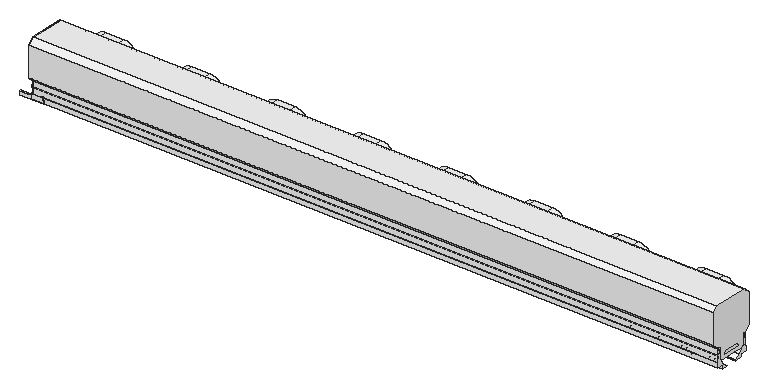
Revit family "Invisiline_диффузор_щелевой_AESTH.S_50+BOX.S_SUP", category Воздухораспределители, Revit 2019
Family settings
  Размер круглого соединителя = Использовать диаметр
  Тип детали = Нормальный
  Номер OmniClass = 23.75.70.21.27.11
  Заголовок OmniClass = Diffusers, Registers, and Grilles
  На основе рабочей плоскости = Нет
  Всегда вертикально = Да
  При загрузке вырезать с полостями = Нет
  Общий = Нет
  Точка расчета площади = Да
Parameters (values of type "AESTH.S-50-*-*-* + BOX.S-50-*-STD")
  Шаг приращения длины = 5 mm
  КСД_W = if([2_w] = 10 mm, 122 mm, if([2_w] = 15 mm, 127 mm, if([2_w] = 20 mm, 132 mm, if([2_w] = 25 mm, 137 mm, if([2_w] = 30 mm, 142 mm, if([2_w] = 35 mm, 147 mm, if([2_w] = 40 mm, 152 mm, if([2_w] = 45 mm, 185 mm, if([2_w] = 50 mm, 190 mm, if([2_w] = 55 mm, 195 mm, if([2_w] = 60 mm, 200 mm, if([2_w] = 65 mm, 205 mm, if([2_w] = 70 mm, 210 mm, 210 mm)))))))))))))  # 190 mm
  КСД_H_FRNT = if([6_КСД] = 2, 50 mm, 0 mm) + if([2_w] = 10 mm, 185 mm, if([2_w] = 15 mm, 185 mm, if([2_w] = 20 mm, 185 mm, if([2_w] = 25 mm, 185 mm, if([2_w] = 30 mm, 185 mm, if([2_w] = 35 mm, 185 mm, if([2_w] = 40 mm, 185 mm, if([2_w] = 45 mm, 259 mm, if([2_w] = 50 mm, 259 mm, if([2_w] = 55 mm, 259 mm, if([2_w] = 60 mm, 259 mm, if([2_w] = 65 mm, 259 mm, if([2_w] = 70 mm, 259 mm, 210 mm)))))))))))))  # 259 mm
  КСД_H_2 = 174 mm  # constant formula
  КСД_H = if([2_w] = 10 mm, 185 mm, if([2_w] = 15 mm, 185 mm, if([2_w] = 20 mm, 185 mm, if([2_w] = 25 mm, 185 mm, if([2_w] = 30 mm, 185 mm, if([2_w] = 35 mm, 185 mm, if([2_w] = 40 mm, 185 mm, if([2_w] = 45 mm, 259 mm, if([2_w] = 50 mm, 259 mm, if([2_w] = 55 mm, 259 mm, if([2_w] = 60 mm, 259 mm, if([2_w] = 65 mm, 259 mm, if([2_w] = 70 mm, 259 mm, 210 mm)))))))))))))  # 259 mm
  Vr_Vis_STD_9 [instance] = if(and(Vr_STD_Vis, Con_Vis_9), 1 = 1, 1 = 0)  # no
  Vr_Vis_STD_8 [instance] = if(and(Vr_STD_Vis, Con_Vis_8), 1 = 1, 1 = 0)  # yes
  Vr_Vis_STD_7 [instance] = if(and(Vr_STD_Vis, Con_Vis_7), 1 = 1, 1 = 0)  # yes
  Vr_Vis_STD_6 [instance] = if(and(Vr_STD_Vis, Con_Vis_6), 1 = 1, 1 = 0)  # yes
  Vr_Vis_STD_5 [instance] = if(and(Vr_STD_Vis, Con_Vis_5), 1 = 1, 1 = 0)  # yes
  Vr_Vis_STD_4 [instance] = if(and(Vr_STD_Vis, Con_Vis_4), 1 = 1, 1 = 0)  # yes
  Vr_Vis_STD_3 [instance] = if(and(Vr_STD_Vis, Con_Vis_3), 1 = 1, 1 = 0)  # yes
  Vr_Vis_STD_2 [instance] = if(and(Vr_STD_Vis, Con_Vis_2), 1 = 1, 1 = 0)  # yes
  Vr_Vis_STD_10 [instance] = if(and(Vr_STD_Vis, Con_Vis_10), 1 = 1, 1 = 0)  # no
  Vr_Vis_STD_1 [instance] = if(and(Vr_STD_Vis, Con_Vis_1), 1 = 1, 1 = 0)  # yes
  Vr_Vis_FRNT_9 [instance] = if(and(Vr_FRNT_Vis, Con_Vis_9), 1 = 1, 1 = 0)  # no
  Vr_Vis_FRNT_8 [instance] = if(and(Vr_FRNT_Vis, Con_Vis_8), 1 = 1, 1 = 0)  # no
  Vr_Vis_FRNT_7 [instance] = if(and(Vr_FRNT_Vis, Con_Vis_7), 1 = 1, 1 = 0)  # no
  Vr_Vis_FRNT_6 [instance] = if(and(Vr_FRNT_Vis, Con_Vis_6), 1 = 1, 1 = 0)  # no
  Vr_Vis_FRNT_5 [instance] = if(and(Vr_FRNT_Vis, Con_Vis_5), 1 = 1, 1 = 0)  # no
  Vr_Vis_FRNT_4 [instance] = if(and(Vr_FRNT_Vis, Con_Vis_4), 1 = 1, 1 = 0)  # no
  Vr_Vis_FRNT_3 [instance] = if(and(Vr_FRNT_Vis, Con_Vis_3), 1 = 1, 1 = 0)  # no
  Vr_Vis_FRNT_2 [instance] = if(and(Vr_FRNT_Vis, Con_Vis_2), 1 = 1, 1 = 0)  # no
  Vr_Vis_FRNT_10 [instance] = if(and(Vr_FRNT_Vis, Con_Vis_10), 1 = 1, 1 = 0)  # no
  Vr_Vis_FRNT_1 [instance] = if(and(Vr_FRNT_Vis, Con_Vis_1), 1 = 1, 1 = 0)  # no
  INV_№ в наклейке [instance] = ""
  INV_Цвет [instance] = 0
  INV_Требуемая скорость воздуха [instance] = 1.5 m/s
  INV_Предупреждение [instance] = if([4_L] > 3000 mm, "Длина не должна превышать 3000 мм", if([4_L] < 100 mm, "Длина должна превышать 100 мм", ""))  # ""
  INV_Потеря давления воздуха на врезке [instance] = ADSK_Потеря давления воздуха / Ncon  # 0.0 Pa
  INV_Наименование адаптера [instance] = size_lookup(LT, "Name2", "Некорректный типоразмер", [2_w], [4_L], INV_Цвет, [5_Код], [6_КСД])  # "КСД с боковыми врезками, ширина щели 50 мм, длина КСД 3000 мм - 6 мм"
  INV_Марка адаптера [instance] = size_lookup(LT, "Marka_Adapter", "Некорректный типоразмер", [2_w], [4_L], INV_Цвет, [5_Код], [6_КСД])  # "Адаптер BOX.S-50-3000-STD"
  INV_Длина линейного диффузора [instance] = 3000 mm
  INV_Автоподбор длины [instance] = no
  ADSK_Этаж [instance] = ""
  5_ТП_Vis_2 [instance] = if(or([5_Код] = 1, [5_Код] = 3, [5_Код] = 4, [5_Код] = 5), 1 = 1, 1 = 0)  # no
  5_ТП_Vis_1 [instance] = if([5_Код] = 1, 1 = 1, 1 = 0)  # no
  Vr_x_9 [instance] = Con_x_9 - Dw / 2  # 2873.5 mm
  Vr_x_8 [instance] = Con_x_8 - Dw / 2  # 148.5 mm
  Vr_x_7 [instance] = Con_x_7 - Dw / 2  # 523.5 mm
  Vr_x_6 [instance] = Con_x_6 - Dw / 2  # 898.5 mm
  Vr_x_5 [instance] = Con_x_5 - Dw / 2  # 1273.5 mm
  Vr_x_4 [instance] = Con_x_4 - Dw / 2  # 1648.5 mm
  Vr_x_3 [instance] = Con_x_3 - Dw / 2  # 2023.5 mm
  Vr_x_2 [instance] = Con_x_2 - Dw / 2  # 2398.5 mm
  Vr_x_10 [instance] = Con_x_10 - Dw / 2  # 2873.5 mm
  Vr_x_1 [instance] = Con_x_1 - Dw / 2  # 2773.5 mm
  Con_Vis = 1 = 0  # no
  5_Раз_Vis_2 [instance] = if([5_Код] = 9, 1 = 1, if([5_Код] = 10, 1 = 1, 1 = 0))  # no
  5_Раз_Vis_1 [instance] = if([5_Код] = 5, 1 = 1, if([5_Код] = 7, 1 = 1, if([5_Код] = 9, 1 = 1, 1 = 0)))  # no
  5_Коннекторы_2 [instance] = if([5_Кон_Vis_2], 50 mm, 0 mm)  # 0 mm
  5_Коннекторы_1 [instance] = if([5_Кон_Vis_1], 50 mm, 0 mm)  # 50 mm
  5_Кон_Vis_2 [instance] = if([5_Код] = 8, 1 = 1, if([5_Код] = 9, 1 = 1, if([5_Код] = 10, 1 = 1, 1 = 0)))  # no
  5_Кон_Vis_1 [instance] = if([5_Код] = 4, 1 = 1, if([5_Код] = 5, 1 = 1, if([5_Код] = 6, 1 = 1, if([5_Код] = 7, 1 = 1, if([5_Код] = 8, 1 = 1, if([5_Код] = 9, 1 = 1, if([5_Код] = 10, 1 = 1, 1 = 0)))))))  # yes
  4_L_2 [instance] = if([5_Код] = 1, 1.5 mm, if([5_Код] = 3, 1.5 mm, if([5_Код] = 4, 1.5 mm, if([5_Код] = 5, 1.5 mm, if([5_Код] = 9, 1.5 mm, if([5_Код] = 10, 1.5 mm, 0 mm)))))) + [4_L] / 2  # 1500 mm
  4_L_1 [instance] = if([5_Код] = 1, 1.5 mm, if([5_Код] = 5, 1.5 mm, if([5_Код] = 7, 1.5 mm, if([5_Код] = 9, 1.5 mm, 0 mm)))) + [4_L] / 2  # 1500 mm
  УГО [instance] = yes
  Овальное подключение [instance] = 1 = 1  # yes
  6_КСД = 1
  Изготовитель = "Invisiline"  # constant formula
  Длина округленная [instance] = roundup((INV_Длина линейного диффузора / 5) / 1 mm) * 1 mm * 5  # 3000 mm
  ox9 [instance] = if(Ncon > 1, if(Ncon < 9, 0.5 * [4_L] / Ncon, 8.5 * [4_L] / Ncon), 0.5 * [4_L])  # 187.5 mm
  ox8 [instance] = if(Ncon > 1, if(Ncon < 8, 0.5 * [4_L] / Ncon, 7.5 * [4_L] / Ncon), 0.5 * [4_L])  # 2812.5 mm
  ox7 [instance] = if(Ncon > 1, if(Ncon < 7, 0.5 * [4_L] / Ncon, 6.5 * [4_L] / Ncon), 0.5 * [4_L])  # 2437.5 mm
  ox6 [instance] = if(Ncon > 1, if(Ncon < 6, 0.5 * [4_L] / Ncon, 5.5 * [4_L] / Ncon), 0.5 * [4_L])  # 2062.5 mm
  ox5 [instance] = if(Ncon > 1, if(Ncon < 5, 0.5 * [4_L] / Ncon, 4.5 * [4_L] / Ncon), 0.5 * [4_L])  # 1687.5 mm
  ox4 [instance] = if(Ncon > 1, if(Ncon < 4, 0.5 * [4_L] / Ncon, 3.5 * [4_L] / Ncon), 0.5 * [4_L])  # 1312.5 mm
  ox3 [instance] = if(Ncon > 1, if(Ncon < 3, 0.5 * [4_L] / Ncon, 2.5 * [4_L] / Ncon), 0.5 * [4_L])  # 937.5 mm
  ox2 [instance] = if(Ncon > 1, 1.5 * [4_L] / Ncon, 0.5 * [4_L])  # 562.5 mm
  ox10 [instance] = if(Ncon > 1, if(Ncon < 10, 0.5 * [4_L] / Ncon, 9.5 * [4_L] / Ncon), 0.5 * [4_L])  # 187.5 mm
  ox1 [instance] = if(Ncon > 1, 0.5 * [4_L] / Ncon, 0.5 * [4_L])  # 187.5 mm
  null [instance] = if([4_L] > 3000 mm, 1000 mm, 1 mm)  # 1 mm
  h = if([2_w] = 10 mm, 40 mm, if([2_w] = 15 mm, 40 mm, if([2_w] = 20 mm, 40 mm, if([2_w] = 25 mm, 40 mm, if([2_w] = 30 mm, 40 mm, if([2_w] = 35 mm, 40 mm, if([2_w] = 40 mm, 40 mm, if([2_w] = 45 mm, 74 mm, if([2_w] = 50 mm, 74 mm, if([2_w] = 55 mm, 74 mm, if([2_w] = 60 mm, 74 mm, if([2_w] = 65 mm, 74 mm, if([2_w] = 70 mm, 74 mm, if([2_w] = 75 mm, 74 mm, if([2_w] = 80 mm, 74 mm, 40 mm)))))))))))))))  # 74 mm
  Wb1 = if([2_w] = 10 mm, 122 mm, if([2_w] = 15 mm, 127 mm, if([2_w] = 20 mm, 132 mm, if([2_w] = 25 mm, 137 mm, if([2_w] = 30 mm, 142 mm, if([2_w] = 35 mm, 147 mm, if([2_w] = 40 mm, 152 mm, if([2_w] = 45 mm, 185 mm, if([2_w] = 50 mm, 190 mm, if([2_w] = 55 mm, 195 mm, if([2_w] = 60 mm, 200 mm, if([2_w] = 65 mm, 205 mm, if([2_w] = 70 mm, 210 mm, 122 mm)))))))))))))  # 190 mm
  Vr_STD_Vis = if([6_КСД] = 1, 1 = 1, 1 = 0)  # yes
  Vr_FRNT_Vis = if([6_КСД] = 2, 1 = 1, 1 = 0)  # no
  Vis_Error [instance] = if([4_L] > 3000 mm, 1 = 1, 1 = 0)  # no
  V [instance] = ADSK_Расход воздуха / ([4_L] * [2_w])  # 0.0666667 m/s
  URL = "www.invisiline.ru"
  Ncon [instance] = if(and([2_w] = 10 mm, [4_L] < 150 mm), 0, if(and([2_w] = 10 mm, [4_L] < 905 mm), 1, if(and([2_w] = 10 mm, [4_L] < 1805 mm), 2, if(and([2_w] = 10 mm, [4_L] < 2705 mm), 3, if(and([2_w] = 10 mm, [4_L] < 3005 mm), 4, if(and([2_w] = 15 mm, [4_L] < 150 mm), 0, if(and([2_w] = 15 mm, [4_L] < 525 mm), 1, if(and([2_w] = 15 mm, [4_L] < 1045 mm), 2, if(and([2_w] = 15 mm, [4_L] < 1565 mm), 3, if(and([2_w] = 15 mm, [4_L] < 2085 mm), 4, if(and([2_w] = 15 mm, [4_L] < 2605 mm), 5, if(and([2_w] = 15 mm, [4_L] < 3005 mm), 6, if(and([2_w] = 20 mm, [4_L] < 150 mm), 0, if(and([2_w] = 20 mm, [4_L] < 395 mm), 1, if(and([2_w] = 20 mm, [4_L] < 785 mm), 2, if(and([2_w] = 20 mm, [4_L] < 1175 mm), 3, if(and([2_w] = 20 mm, [4_L] < 1565 mm), 4, if(and([2_w] = 20 mm, [4_L] < 1955 mm), 5, if(and([2_w] = 20 mm, [4_L] < 2345 mm), 6, if(and([2_w] = 20 mm, [4_L] < 2735 mm), 7, if(and([2_w] = 20 mm, [4_L] < 3005 mm), 8, if(and([2_w] = 25 mm, [4_L] < 185 mm), 0, if(and([2_w] = 25 mm, [4_L] < 495 mm), 1, if(and([2_w] = 25 mm, [4_L] < 985 mm), 2, if(and([2_w] = 25 mm, [4_L] < 1475 mm), 3, if(and([2_w] = 25 mm, [4_L] < 1965 mm), 4, if(and([2_w] = 25 mm, [4_L] < 2455 mm), 5, if(and([2_w] = 25 mm, [4_L] < 2945 mm), 6, if(and([2_w] = 25 mm, [4_L] < 3005 mm), 7, if(and([2_w] = 30 mm, [4_L] < 185 mm), 0, if(and([2_w] = 30 mm, [4_L] < 415 mm), 1, if(and([2_w] = 30 mm, [4_L] < 835 mm), 2, if(and([2_w] = 30 mm, [4_L] < 1250 mm), 3, if(and([2_w] = 30 mm, [4_L] < 1665 mm), 4, if(and([2_w] = 30 mm, [4_L] < 2080 mm), 5, if(and([2_w] = 30 mm, [4_L] < 2495 mm), 6, if(and([2_w] = 30 mm, [4_L] < 2910 mm), 7, if(and([2_w] = 30 mm, [4_L] < 3005 mm), 8, if(and([2_w] = 35 mm, [4_L] < 185 mm), 0, if(and([2_w] = 35 mm, [4_L] < 360 mm), 1, if(and([2_w] = 35 mm, [4_L] < 705 mm), 2, if(and([2_w] = 35 mm, [4_L] < 1055 mm), 3, if(and([2_w] = 35 mm, [4_L] < 1405 mm), 4, if(and([2_w] = 35 mm, [4_L] < 1755 mm), 5, if(and([2_w] = 35 mm, [4_L] < 2105 mm), 6, if(and([2_w] = 35 mm, [4_L] < 2455 mm), 7, if(and([2_w] = 35 mm, [4_L] < 2805 mm), 8, if(and([2_w] = 35 mm, [4_L] < 3005 mm), 9, if(and([2_w] = 40 mm, [4_L] < 185 mm), 0, if(and([2_w] = 40 mm, [4_L] < 360 mm), 1, if(and([2_w] = 40 mm, [4_L] < 615 mm), 2, if(and([2_w] = 40 mm, [4_L] < 920 mm), 3, if(and([2_w] = 40 mm, [4_L] < 1225 mm), 4, if(and([2_w] = 40 mm, [4_L] < 1530 mm), 5, if(and([2_w] = 40 mm, [4_L] < 1835 mm), 6, if(and([2_w] = 40 mm, [4_L] < 2140 mm), 7, if(and([2_w] = 40 mm, [4_L] < 2445 mm), 8, if(and([2_w] = 40 mm, [4_L] < 2750 mm), 9, if(and([2_w] = 40 mm, [4_L] < 3005 mm), 10, if(and([2_w] = 45 mm, [4_L] < 225 mm), 0, if(and([2_w] = 45 mm, [4_L] < 450 mm), 1, if(and([2_w] = 45 mm, [4_L] < 895 mm), 2, if(and([2_w] = 45 mm, [4_L] < 1340 mm), 3, if(and([2_w] = 45 mm, [4_L] < 1785 mm), 4, if(and([2_w] = 45 mm, [4_L] < 2230 mm), 5, if(and([2_w] = 45 mm, [4_L] < 2675 mm), 6, if(and([2_w] = 45 mm, [4_L] < 3005 mm), 7, if(and([2_w] = 50 mm, [4_L] < 220 mm), 0, if(and([2_w] = 50 mm, [4_L] < 425 mm), 1, if(and([2_w] = 50 mm, [4_L] < 805 mm), 2, if(and([2_w] = 50 mm, [4_L] < 1205 mm), 3, if(and([2_w] = 50 mm, [4_L] < 1605 mm), 4, if(and([2_w] = 50 mm, [4_L] < 2005 mm), 5, if(and([2_w] = 50 mm, [4_L] < 2405 mm), 6, if(and([2_w] = 50 mm, [4_L] < 2805 mm), 7, if(and([2_w] = 50 mm, [4_L] < 3005 mm), 8, if(and([2_w] = 55 mm, [4_L] < 225 mm), 0, if(and([2_w] = 55 mm, [4_L] < 425 mm), 1, if(and([2_w] = 55 mm, [4_L] < 731 mm), 2, if(and([2_w] = 55 mm, [4_L] < 1096 mm), 3, if(and([2_w] = 55 mm, [4_L] < 1461 mm), 4, if(and([2_w] = 55 mm, [4_L] < 1826 mm), 5, if(and([2_w] = 55 mm, [4_L] < 2191 mm), 6, if(and([2_w] = 55 mm, [4_L] < 2556 mm), 7, if(and([2_w] = 55 mm, [4_L] < 2921 mm), 8, if(and([2_w] = 55 mm, [4_L] < 3001 mm), 9, if(and([2_w] = 60 mm, [4_L] < 220 mm), 0, if(and([2_w] = 60 mm, [4_L] < 421 mm), 1, if(and([2_w] = 60 mm, [4_L] < 671 mm), 2, if(and([2_w] = 60 mm, [4_L] < 1006 mm), 3, if(and([2_w] = 60 mm, [4_L] < 1341 mm), 4, if(and([2_w] = 60 mm, [4_L] < 1676 mm), 5, if(and([2_w] = 60 mm, [4_L] < 2011 mm), 6, if(and([2_w] = 60 mm, [4_L] < 2346 mm), 7, if(and([2_w] = 60 mm, [4_L] < 2681 mm), 8, if(and([2_w] = 60 mm, [4_L] < 3001 mm), 9, if(and([2_w] = 65 mm, [4_L] < 280 mm), 0, if(and([2_w] = 65 mm, [4_L] < 546 mm), 1, if(and([2_w] = 65 mm, [4_L] < 961 mm), 2, if(and([2_w] = 65 mm, [4_L] < 1441 mm), 3, if(and([2_w] = 65 mm, [4_L] < 1921 mm), 4, if(and([2_w] = 65 mm, [4_L] < 2401 mm), 5, if(and([2_w] = 65 mm, [4_L] < 2881 mm), 6, if(and([2_w] = 65 mm, [4_L] < 3001 mm), 7, if(and([2_w] = 70 mm, [4_L] < 280 mm), 0, if(and([2_w] = 70 mm, [4_L] < 546 mm), 1, if(and([2_w] = 70 mm, [4_L] < 901 mm), 2, if(and([2_w] = 70 mm, [4_L] < 1355 mm), 3, if(and([2_w] = 70 mm, [4_L] < 1805 mm), 4, if(and([2_w] = 70 mm, [4_L] < 2255 mm), 5, if(and([2_w] = 70 mm, [4_L] < 2705 mm), 6, if(and([2_w] = 70 mm, [4_L] < 3005 mm), 7, 1))))))))))))))))))))))))))))))))))))))))))))))))))))))))))))))))))))))))))))))))))))))))))))))))))))))))))))))))  # 8
  Lcon9 [instance] = if(Ncon > 8, 50 mm, 0 mm)  # 0 mm
  Lcon8 [instance] = if(Ncon > 7, 50 mm, 0 mm)  # 50 mm
  Lcon7 [instance] = if(Ncon > 6, 50 mm, 0 mm)  # 50 mm
  Lcon6 [instance] = if(Ncon > 5, 50 mm, 0 mm)  # 50 mm
  Lcon5 [instance] = if(Ncon > 4, 50 mm, 0 mm)  # 50 mm
  Lcon4 [instance] = if(Ncon > 3, 50 mm, 0 mm)  # 50 mm
  Lcon3 [instance] = if(Ncon > 2, 50 mm, 0 mm)  # 50 mm
  Lcon2 [instance] = if(Ncon > 1, 50 mm, 0 mm)  # 50 mm
  Lcon10 [instance] = if(Ncon > 9, 50 mm, 0 mm)  # 0 mm
  Lcon1 [instance] = if(Ncon > 0, 50 mm, 0 mm)  # 50 mm
  Lbox [instance] = [4_L] - 6 mm  # 2994 mm
  K_B = if([2_w] = 10 mm, -3.51, if([2_w] = 15 mm, -4.67, if([2_w] = 20 mm, -5.85, if([2_w] = 25 mm, -7.15, if([2_w] = 30 mm, -8.26, if([2_w] = 35 mm, -9.35, if([2_w] = 40 mm, -10.52, if([2_w] = 45 mm, -5.1, if([2_w] = 50 mm, -6.1, if([2_w] = 55 mm, -7.1, if([2_w] = 60 mm, -8.1, if([2_w] = 65 mm, -8.88, if([2_w] = 70 mm, -9.65, 11.65)))))))))))))  # -6.1
  K_A = if([2_w] = 10 mm, 4.21, if([2_w] = 15 mm, 5.43, if([2_w] = 20 mm, 6.66, if([2_w] = 25 mm, 7.88, if([2_w] = 30 mm, 9.11, if([2_w] = 35 mm, 10.33, if([2_w] = 40 mm, 11.55, if([2_w] = 45 mm, 6, if([2_w] = 50 mm, 7.19, if([2_w] = 55 mm, 8.38, if([2_w] = 60 mm, 9.57, if([2_w] = 65 mm, 10.61, if([2_w] = 70 mm, 11.65, 11.65)))))))))))))  # 7.19
  INV_Потеря давления воздуха [instance] = 0.0 Pa
  INV_Наличие торцевых пластин, коннекторов [instance] = 5 : E – коннекторы с одной стороны
  Flow9 [instance] = if(Ncon < 9, 0 m³/h, ADSK_Расход воздуха / Ncon)  # 0 m³/h
  Flow8 [instance] = if(Ncon < 8, 0 m³/h, ADSK_Расход воздуха / Ncon)  # 4.5 m³/h
  Flow7 [instance] = if(Ncon < 7, 0 m³/h, ADSK_Расход воздуха / Ncon)  # 4.5 m³/h
  Flow6 [instance] = if(Ncon < 6, 0 m³/h, ADSK_Расход воздуха / Ncon)  # 4.5 m³/h
  Flow5 [instance] = if(Ncon < 5, 0 m³/h, ADSK_Расход воздуха / Ncon)  # 4.5 m³/h
  Flow4 [instance] = if(Ncon < 4, 0 m³/h, ADSK_Расход воздуха / Ncon)  # 4.5 m³/h
  Flow3 [instance] = if(Ncon < 3, 0 m³/h, ADSK_Расход воздуха / Ncon)  # 4.5 m³/h
  Flow2 [instance] = if(Ncon < 2, 0 m³/h, ADSK_Расход воздуха / Ncon)  # 4.5 m³/h
  Flow10 [instance] = if(Ncon < 10, 0 m³/h, ADSK_Расход воздуха / Ncon)  # 0 m³/h
  Flow1 [instance] = if(Ncon > 0, ADSK_Расход воздуха / Ncon, 0 m³/h)  # 4.5 m³/h
  Dw [instance] = if([2_w] = 10 mm, 118 mm, if([2_w] = 15 mm, 118 mm, if([2_w] = 20 mm, 118 mm, if([2_w] = 25 mm, 156 mm, if([2_w] = 30 mm, 156 mm, if([2_w] = 35 mm, 156 mm, if([2_w] = 40 mm, 156 mm, if([2_w] = 45 mm, 188 mm, if([2_w] = 50 mm, 188 mm, if([2_w] = 55 mm, 188 mm, if([2_w] = 60 mm, 188 mm, if([2_w] = 65 mm, 250 mm, if([2_w] = 70 mm, 250 mm, 118 mm))))))))))))) - Dh  # 78 mm
  Dh [instance] = if([2_w] = 10 mm, 70 mm, if([2_w] = 15 mm, 70 mm, if([2_w] = 20 mm, 70 mm, if([2_w] = 25 mm, 70 mm, if([2_w] = 30 mm, 70 mm, if([2_w] = 35 mm, 70 mm, if([2_w] = 40 mm, 70 mm, if([2_w] = 45 mm, 110 mm, if([2_w] = 50 mm, 110 mm, if([2_w] = 55 mm, 110 mm, if([2_w] = 60 mm, 110 mm, if([2_w] = 65 mm, 110 mm, if([2_w] = 70 mm, 110 mm, if([2_w] = 75 mm, 110 mm, if([2_w] = 80 mm, 110 mm, 70 mm)))))))))))))))  # 110 mm
  D = if([2_w] = 10 mm, 100 mm, if([2_w] = 15 mm, 100 mm, if([2_w] = 20 mm, 100 mm, if([2_w] = 25 mm, 125 mm, if([2_w] = 30 mm, 125 mm, if([2_w] = 35 mm, 125 mm, if([2_w] = 40 mm, 125 mm, if([2_w] = 45 mm, 160 mm, if([2_w] = 50 mm, 160 mm, if([2_w] = 55 mm, 160 mm, if([2_w] = 60 mm, 160 mm, if([2_w] = 65 mm, 200 mm, if([2_w] = 70 mm, 200 mm, 160 mm)))))))))))))  # 160 mm
  Con_z_1 [instance] = if([6_КСД] = 2, КСД_H_FRNT, КСД_H_2)  # 174 mm
  Con_y_9 [instance] = if([6_КСД] = 2, 0 mm, if(and(Ncon > 8, [6_КСД] = 1), Lcon9 + КСД_W / 2, КСД_W / 2))  # 95 mm
  Con_y_8 [instance] = if([6_КСД] = 2, 0 mm, if(and(Ncon > 7, [6_КСД] = 1), Lcon8 + КСД_W / 2, КСД_W / 2))  # 145 mm
  Con_y_7 [instance] = if([6_КСД] = 2, 0 mm, if(and(Ncon > 6, [6_КСД] = 1), Lcon7 + КСД_W / 2, КСД_W / 2))  # 145 mm
  Con_y_6 [instance] = if([6_КСД] = 2, 0 mm, if(and(Ncon > 5, [6_КСД] = 1), Lcon6 + КСД_W / 2, КСД_W / 2))  # 145 mm
  Con_y_5 [instance] = if([6_КСД] = 2, 0 mm, if(and(Ncon > 4, [6_КСД] = 1), Lcon5 + КСД_W / 2, КСД_W / 2))  # 145 mm
  Con_y_4 [instance] = if([6_КСД] = 2, 0 mm, if(and(Ncon > 3, [6_КСД] = 1), Lcon4 + КСД_W / 2, КСД_W / 2))  # 145 mm
  Con_y_3 [instance] = if([6_КСД] = 2, 0 mm, if(and(Ncon > 2, [6_КСД] = 1), Lcon3 + КСД_W / 2, КСД_W / 2))  # 145 mm
  Con_y_2 [instance] = if([6_КСД] = 2, 0 mm, if(and(Ncon > 1, [6_КСД] = 1), Lcon2 + КСД_W / 2, КСД_W / 2))  # 145 mm
  Con_y_10 [instance] = if([6_КСД] = 2, 0 mm, if(and(Ncon > 9, [6_КСД] = 1), Lcon10 + КСД_W / 2, КСД_W / 2))  # 95 mm
  Con_y_1 [instance] = if([6_КСД] = 2, 0 mm, if(and(Ncon > 0, [6_КСД] = 1), Lcon1 + КСД_W / 2, КСД_W / 2))  # 145 mm
  Con_x_9 [instance] = 100 mm + if([6_КСД] = 2, 1500 mm + [4_L] / 2 - ox9, 1500 mm + [4_L] / 2 - ox9)  # 2912.5 mm
  Con_x_8 [instance] = if([6_КСД] = 2, 1500 mm + [4_L] / 2 - ox8, 1500 mm + [4_L] / 2 - ox8)  # 187.5 mm
  Con_x_7 [instance] = if([6_КСД] = 2, 1500 mm + [4_L] / 2 - ox7, 1500 mm + [4_L] / 2 - ox7)  # 562.5 mm
  Con_x_6 [instance] = if([6_КСД] = 2, 1500 mm + [4_L] / 2 - ox6, 1500 mm + [4_L] / 2 - ox6)  # 937.5 mm
  Con_x_5 [instance] = if([6_КСД] = 2, 1500 mm + [4_L] / 2 - ox5, 1500 mm + [4_L] / 2 - ox5)  # 1312.5 mm
  Con_x_4 [instance] = if([6_КСД] = 2, 1500 mm + [4_L] / 2 - ox4, 1500 mm + [4_L] / 2 - ox4)  # 1687.5 mm
  Con_x_3 [instance] = if([6_КСД] = 2, 1500 mm + [4_L] / 2 - ox3, 1500 mm + [4_L] / 2 - ox3)  # 2062.5 mm
  Con_x_2 [instance] = if([6_КСД] = 2, 1500 mm + [4_L] / 2 - ox2, 1500 mm + [4_L] / 2 - ox2)  # 2437.5 mm
  Con_x_10 [instance] = 100 mm + if([6_КСД] = 2, 1500 mm + [4_L] / 2 - ox10, 1500 mm + [4_L] / 2 - ox10)  # 2912.5 mm
  Con_x_1 [instance] = if([6_КСД] = 2, 1500 mm + [4_L] / 2 - ox1, 1500 mm + [4_L] / 2 - ox1)  # 2812.5 mm
  Con_h1 = if([2_w] < 45 mm, 65 mm, 85 mm)  # 85 mm
  Con_Vis_9 [instance] = if(Ncon > 8, 1 = 1, 1 = 0)  # no
  Con_Vis_8 [instance] = if(Ncon > 7, 1 = 1, 1 = 0)  # yes
  Con_Vis_7 [instance] = if(Ncon > 6, 1 = 1, 1 = 0)  # yes
  Con_Vis_6 [instance] = if(Ncon > 5, 1 = 1, 1 = 0)  # yes
  Con_Vis_5 [instance] = if(Ncon > 4, 1 = 1, 1 = 0)  # yes
  Con_Vis_3 [instance] = if(Ncon > 2, 1 = 1, 1 = 0)  # yes
  Con_Vis_2 [instance] = if(Ncon > 1, 1 = 1, 1 = 0)  # yes
  Con_Vis_10 [instance] = if(Ncon > 9, 1 = 1, 1 = 0)  # no
  Con_Vis_1 [instance] = if(Ncon > 0, 1 = 1, 1 = 0)  # yes
  Con_Angl_V [instance] = if([6_КСД] = 2, 90.00°, 0.00°)  # 0.00°
  Con_Vis_4 [instance] = if(Ncon > 3, 1 = 1, 1 = 0)  # yes
  Aef [instance] = [4_L] * [2_w]  # 0.15 m²
  2_w = 50 mm  # constant formula
  i [instance] = if(and(not(Шаг приращения длины < 5 mm), not(Шаг приращения длины > 150 mm), (Шаг приращения длины / 5 mm - round(Шаг приращения длины / 5 mm) = 0)), Шаг приращения длины, 50 mm)  # 5 mm
  Lreq [instance] = if(ADSK_Расход воздуха = 0 m³/h, 0 mm, round(((Areq + 0.5 * 0.001 m²) / [2_w]) / i) * i - 5 mm)  # 140 mm
  Areq [instance] = ADSK_Расход воздуха / if(INV_Требуемая скорость воздуха > 0.0 m/s, INV_Требуемая скорость воздуха, 1.0 m/s)  # 0.00666667 m²
  ADSK_Расход воздуха [instance] = 36 m³/h
  ADSK_Потеря давления воздуха [instance] = 0.0 Pa
  B = if([2_w] = 10 mm, 82 mm, if([2_w] = 15 mm, 87 mm, if([2_w] = 20 mm, 92 mm, if([2_w] = 25 mm, 97 mm, if([2_w] = 30 mm, 102 mm, if([2_w] = 35 mm, 107 mm, if([2_w] = 40 mm, 112 mm, if([2_w] = 45 mm, 145 mm, if([2_w] = 50 mm, 150 mm, if([2_w] = 55 mm, 155 mm, if([2_w] = 60 mm, 160 mm, if([2_w] = 65 mm, 165 mm, if([2_w] = 70 mm, 170 mm, if([2_w] = 75 mm, 175 mm, if([2_w] = 80 mm, 180 mm, 122 mm)))))))))))))))  # 150 mm
  4_L [instance] = if(INV_Автоподбор длины, if(and(not(Lreq < 100 mm), not(Lreq > 3000 mm)), Lreq, if(Lreq = 0 mm, Длина округленная, 3000 mm)), Длина округленная)  # 3000 mm
  LT = "AESTH_50"  # constant formula
  ADSK_Примечание [instance] = " "
  ADSK_Позиция [instance] = ""
  ADSK_Обозначение [instance] = ADSK_Марка  # "Диффузор AESTH.S-50-B-3000-E"
  ADSK_Наименование краткое [instance] = "Диффузор щелевой линейный Invisiline AESTH.S"
  ADSK_Наименование [instance] = size_lookup(LT, "Name", "Некорректный типоразмер", [2_w], [4_L], INV_Цвет, [5_Код], [6_КСД])  # "Диффузор щелевой линейный Invisiline AESTHETIC.S ширина щели 50 мм, цвет по RAL9005 (черный), длина 3000 мм, коннекторы с одной стороны"
  ADSK_Материал = INVISILINE_Условный_Белый
  ADSK_Масса [instance] = 0  # constant formula
  ADSK_Марка [instance] = size_lookup(LT, "", "Некорректный типоразмер", [2_w], [4_L], INV_Цвет, [5_Код], [6_КСД])  # "Диффузор AESTH.S-50-B-3000-E"
  ADSK_Количество = 1  # constant formula
  ADSK_Код изделия [instance] = ""
  ADSK_Завод-изготовитель [instance] = "Invisiline"  # constant formula
  ADSK_Единица измерения [instance] = "шт."  # constant formula
  ADSK_Группирование [instance] = ""
  ADSK_Версия семейства = "Ver. 3 2025-11"  # constant formula
  ADSK_URL документации изделия = ""
  5_Код [instance] = if([INV_Наличие торцевых пластин, коннекторов] = [5_2], 1, if([INV_Наличие торцевых пластин, коннекторов] = [5_A], 2, if([INV_Наличие торцевых пластин, коннекторов] = [5_B], 3, if([INV_Наличие торцевых пластин, коннекторов] = [5_C], 4, if([INV_Наличие торцевых пластин, коннекторов] = [5_D], 5, if([INV_Наличие торцевых пластин, коннекторов] = [5_E], 6, if([INV_Наличие торцевых пластин, коннекторов] = [5_F], 7, if([INV_Наличие торцевых пластин, коннекторов] = [5_G], 8, if([INV_Наличие торцевых пластин, коннекторов] = [5_H], 9, if([INV_Наличие торцевых пластин, коннекторов] = [5_I], 10, 1))))))))))  # 6
  5_I = 5 : I – коннекторы с одной стороны и коннекторы с разделителем с другой (+1.5 мм)
  5_H = 5 : H – коннекторы и разделители (+3 мм) с двух сторон
  5_G = 5 : G – коннекторы с двух сторон
  5_F = 5 : F – коннекторы и разделитель с одной стороны (+1.5 мм)
  5_E = 5 : E – коннекторы с одной стороны
  5_D = 5 : D – коннекторы и разделитель с одной стороны (+1.5 мм), торцевая пластина с другой (+1.5 мм)
  5_C = 5 : C – коннекторы с одной стороны и торцевая пластина с другой (+1.5 мм)
  5_A = 5 : A – пустой элемент
  5_B = 5 : B – торцевая пластина с одной стороны (+1.5 мм)
  5_2 = 5 : 2 – Самостоятельный диффузор - элемент + 2 торцевые пластины с двух 2 сторон (+3 мм)
Reference planes
  plane 1 "По центру (Вперед/Назад)": y = 0
  plane 2: z = 0
  plane 3 "По центру (Влево/Вправо)": x = 0
  plane 4: x = -1500
  plane 5: x = 1500
  plane 6: x = -1497
  plane 7: x = 1497
  plane 8: x = -1500
  plane 9: x = 1500
  plane 10: x = -1496
  plane 11: x = 1496
  plane 12: x = -1550
  plane 13: x = 1500
  plane 14: x = -1447
  plane 15: x = 1447
  plane 16 "1": x = -1500
  plane 17: x = 1499
  plane 18: x = -1499
  plane 19: x = 1502.5
  plane 20: z = 174
  plane 21: z = 259
  plane 22: z = 259
Forms (mm)
  Sweep 1, solid, material "INVISILINE_Условный_Белый" <- "ADSK_Материал", detail levels fine
    path origin (0, 0, 0) x (1, 0, 0) y (0, 1, 0)
      loop
        line (1497, 0) -> (-1497, 0)
    profile origin (0, 0, 0) x (0, -1, 0) y (0, 0, 1)
      loop
        line (-73.902, 88.002) -> (-73.902, 34.88) -> (-72.902, 34.88) -> (-72.902, 88.416) -> (-94, 109.514) -> (-94, 238.486) -> (-74.486, 258) -> (0, 258) -> (74.486, 258) -> (94, 238.486) -> (94, 109.514) -> (72.902, 88.416) -> (72.902, 34.88) -> (73.902, 34.88) -> (73.902, 88.002) -> (95, 109.1) -> (95, 238.9) -> (74.9, 259) -> (0, 259) -> (-74.9, 259) -> (-95, 238.9) -> (-95, 109.1) -> (-73.902, 88.002)
  Revolve 2, solid, visible <- "Vis_Error"
    sketch origin (0, 0, 0) x (1, 0, 0) y (0, 1, 0)
      loop
        line (0, 1) -> (0, -1)
        arc (0, -1) -> (1, 0) -> (0, 1) r 1
      axis (0, 1) -> (0, -1)
    angle from 0 to 180
  Extrusion 3, solid, material "INVISILINE_Условный_Белый" <- "ADSK_Материал", visible <- "Vr_Vis_STD_4", detail levels fine
    sketch origin (1497, 95, 109.1) x (-1, 0, 0) y (0, 0, 1)
      loop
        arc (1270.5, 119.9) -> (1215.5, 64.9) -> (1270.5, 9.9) r 55
        line (1270.5, 9.9) -> (1348.5, 9.9)
        arc (1348.5, 9.9) -> (1403.5, 64.9) -> (1348.5, 119.9) r 55
        line (1348.5, 119.9) -> (1270.5, 119.9)
    from -1 to 50 <- "Lcon4"
  Extrusion 4, solid, material "INVISILINE_Условный_Белый" <- "ADSK_Материал", visible <- "Vr_Vis_FRNT_1", detail levels fine
    sketch origin (1497, 0, 259) x (-1, 0, 0) y (0, -1, 0)
      loop
        arc (223.5, -55) -> (278.5, 0) -> (223.5, 55) r 55
        line (223.5, 55) -> (145.5, 55)
        arc (145.5, 55) -> (90.5, 0) -> (145.5, -55) r 55
        line (145.5, -55) -> (223.5, -55)
    from -1 to 50 <- "Lcon1"
  Sweep 5, solid, material "INVISILINE_Условный_Белый" <- "ADSK_Материал", detail levels fine
    path origin (0, 0, 0) x (1, 0, 0) y (0, 1, 0)
      loop
        line (-1500, 0) -> (1500, 0)
    profile "AESTH_50 : AESTH_50" origin (0, 0, 0) x (0, 1, 0) y (0, 0, 1)
      loop
        line (27.436, 0.906) -> (28.897, 1.985) -> (50.417, 1.985) -> (50.417, 14.985) -> (77, 14.985) -> (77, 34.209) -> (75.566, 32.885) -> (74.755, 32.943) -> (72.902, 34.879) -> (72.843, 47.675) -> (71.402, 49.199) -> (71.46, 59.175) -> (72.902, 60.699) -> (72.902, 68.079) -> (71.402, 66.579) -> (67, 71.067) -> (67.058, 83.229) -> (68.851, 85.103) -> (68.851, 90.736) -> (67.778, 89.785) -> (65.763, 89.726) -> (64.822, 88.785) -> (67.6, 88.785) -> (67.6, 85.985) -> (65, 85.985) -> (65, 66.012) -> (63.974, 65.785) -> (63.974, 48.383) -> (45.834, 16.428) -> (25.485, 0.658) -> (24.989, 0) -> (27.436, 0.906)
      loop
        line (-28.016, 63.608) -> (-34.941, 56.6) -> (-35.005, 53.987) -> (35, 53.987) -> (35, 56.459) -> (28.075, 63.467) -> (28.011, 65.985) -> (-0.804, 65.985) -> (-28.016, 65.985) -> (-28.016, 63.608)
      loop
        line (-27.436, 0.906) -> (-24.989, 0) -> (-25.485, 0.658) -> (-45.834, 16.428) -> (-63.974, 48.383) -> (-63.974, 65.785) -> (-65, 66.012) -> (-65, 85.985) -> (-67.6, 85.985) -> (-67.6, 88.785) -> (-64.822, 88.785) -> (-65.763, 89.726) -> (-67.778, 89.785) -> (-68.851, 90.736) -> (-68.851, 85.103) -> (-67.058, 83.229) -> (-67, 71.067) -> (-71.402, 66.579) -> (-72.902, 68.079) -> (-72.902, 60.699) -> (-71.46, 59.175) -> (-71.402, 49.199) -> (-72.843, 47.675) -> (-72.902, 34.879) -> (-74.755, 32.943) -> (-75.566, 32.885) -> (-77, 34.209) -> (-77, 14.985) -> (-50.417, 14.985) -> (-50.417, 1.985) -> (-28.897, 1.985) -> (-27.436, 0.906)
  Extrusion 6, solid, material "INVISILINE_Условный_Белый" <- "ADSK_Материал", visible <- "Vr_Vis_STD_3", detail levels fine
    sketch origin (1497, 95, 109.1) x (-1, 0, 0) y (0, 0, 1)
      loop
        arc (895.5, 119.9) -> (840.5, 64.9) -> (895.5, 9.9) r 55
        line (895.5, 9.9) -> (973.5, 9.9)
        arc (973.5, 9.9) -> (1028.5, 64.9) -> (973.5, 119.9) r 55
        line (973.5, 119.9) -> (895.5, 119.9)
    from -1 to 50 <- "Lcon3"
  Extrusion 7, solid, material "INVISILINE_Условный_Белый" <- "ADSK_Материал", visible <- "Vr_Vis_STD_2", detail levels fine
    sketch origin (1497, 95, 109.1) x (-1, 0, 0) y (0, 0, 1)
      loop
        arc (520.5, 119.9) -> (465.5, 64.9) -> (520.5, 9.9) r 55
        line (520.5, 9.9) -> (598.5, 9.9)
        arc (598.5, 9.9) -> (653.5, 64.9) -> (598.5, 119.9) r 55
        line (598.5, 119.9) -> (520.5, 119.9)
    from -1 to 50 <- "Lcon2"
  Extrusion 8, solid, material "INVISILINE_Условный_Белый" <- "ADSK_Материал", visible <- "Vr_Vis_STD_1", detail levels fine
    sketch origin (1497, 95, 109.1) x (-1, 0, 0) y (0, 0, 1)
      loop
        arc (145.5, 119.9) -> (90.5, 64.9) -> (145.5, 9.9) r 55
        line (145.5, 9.9) -> (223.5, 9.9)
        arc (223.5, 9.9) -> (278.5, 64.9) -> (223.5, 119.9) r 55
        line (223.5, 119.9) -> (145.5, 119.9)
    from -1 to 50 <- "Lcon1"
  Extrusion 9, solid, material "INVISILINE_Условный_Белый" <- "ADSK_Материал", visible <- "Vr_Vis_FRNT_2", detail levels fine
    sketch origin (1497, 0, 259) x (-1, 0, 0) y (0, -1, 0)
      loop
        arc (598.5, -55) -> (653.5, 0) -> (598.5, 55) r 55
        line (598.5, 55) -> (520.5, 55)
        arc (520.5, 55) -> (465.5, 0) -> (520.5, -55) r 55
        line (520.5, -55) -> (598.5, -55)
    from -1 to 50 <- "Lcon2"
  Extrusion 10, solid, material "INVISILINE_Условный_Белый" <- "ADSK_Материал", visible <- "Vr_Vis_FRNT_3", detail levels fine
    sketch origin (1497, 0, 259) x (-1, 0, 0) y (0, -1, 0)
      loop
        arc (973.5, -55) -> (1028.5, 0) -> (973.5, 55) r 55
        line (973.5, 55) -> (895.5, 55)
        arc (895.5, 55) -> (840.5, 0) -> (895.5, -55) r 55
        line (895.5, -55) -> (973.5, -55)
    from -1 to 50 <- "Lcon3"
  Extrusion 11, solid, material "INVISILINE_Условный_Белый" <- "ADSK_Материал", visible <- "Vr_Vis_FRNT_4", detail levels fine
    sketch origin (1497, 0, 259) x (-1, 0, 0) y (0, -1, 0)
      loop
        arc (1348.5, -55) -> (1403.5, 0) -> (1348.5, 55) r 55
        line (1348.5, 55) -> (1270.5, 55)
        arc (1270.5, 55) -> (1215.5, 0) -> (1270.5, -55) r 55
        line (1270.5, -55) -> (1348.5, -55)
    from -1 to 50 <- "Lcon4"
  Extrusion 12, solid, material "INVISILINE_Условный_Белый" <- "ADSK_Материал", visible <- "5_ТП_Vis_1", detail levels fine
    sketch origin (0, 0, 0) x (0, 1, 0) y (0, 0, -1)
      loop
        line (0, -90.736) -> (68.851, -90.736) -> (68.851, -85.103) -> (67.058, -83.229) -> (67, -71.067) -> (71.402, -66.579) -> (72.902, -68.079) -> (72.902, -60.699) -> (71.46, -59.175) -> (71.402, -49.199) -> (72.843, -47.675) -> (72.902, -34.879) -> (74.755, -32.943) -> (75.566, -32.885) -> (77, -34.209) -> (77, -14.985) -> (50.417, -14.985) -> (50.417, -1.985) -> (28.897, -1.985) -> (27.436, -0.906) -> (24.989, 0) -> (0, 0) -> (-24.989, 0) -> (-27.436, -0.906) -> (-28.897, -1.985) -> (-50.417, -1.985) -> (-50.417, -14.985) -> (-77, -14.985) -> (-77, -34.209) -> (-75.566, -32.885) -> (-74.755, -32.943) -> (-72.902, -34.879) -> (-72.843, -47.675) -> (-71.402, -49.199) -> (-71.46, -59.175) -> (-72.902, -60.699) -> (-72.902, -68.079) -> (-71.402, -66.579) -> (-67, -71.067) -> (-67.058, -83.229) -> (-68.851, -85.103) -> (-68.851, -90.736) -> (0, -90.736)
    from 1499 to 1500
  Extrusion 13, solid, material "INVISILINE_Условный_Белый" <- "ADSK_Материал", visible <- "5_ТП_Vis_2", detail levels fine
    sketch origin (0, 0, 0) x (0, 1, 0) y (0, 0, 1)
      loop
        line (0, 0) -> (24.989, 0) -> (27.436, 0.906) -> (28.897, 1.985) -> (50.417, 1.985) -> (50.417, 14.985) -> (77, 14.985) -> (77, 34.209) -> (75.566, 32.885) -> (74.755, 32.943) -> (72.902, 34.879) -> (72.843, 47.675) -> (71.402, 49.199) -> (71.46, 59.175) -> (72.902, 60.699) -> (72.902, 68.079) -> (71.402, 66.579) -> (67, 71.067) -> (67.058, 83.229) -> (68.851, 85.103) -> (68.851, 90.736) -> (0, 90.736) -> (-68.851, 90.736) -> (-68.851, 85.103) -> (-67.058, 83.229) -> (-67, 71.067) -> (-71.402, 66.579) -> (-72.902, 68.079) -> (-72.902, 60.699) -> (-71.46, 59.175) -> (-71.402, 49.199) -> (-72.843, 47.675) -> (-72.902, 34.879) -> (-74.755, 32.943) -> (-75.566, 32.885) -> (-77, 34.209) -> (-77, 14.985) -> (-50.417, 14.985) -> (-50.417, 1.985) -> (-28.897, 1.985) -> (-27.436, 0.906) -> (-24.989, 0) -> (0, 0)
    from 1499 to 1500
  Extrusion 14, solid, material "INVISILINE_Условный_Белый" <- "ADSK_Материал", detail levels fine
    sketch origin (0, 0, -2.53) x (0, 1, 0) y (0, 0, 1)
      loop
        line (95, 241.43) -> (74.9, 261.53) -> (0, 261.53) -> (-74.9, 261.53) -> (-95, 241.43) -> (-95, 111.63) -> (-73.902, 90.532) -> (-73.902, 37.41) -> (0, 37.41) -> (73.902, 37.41) -> (73.902, 90.532) -> (95, 111.63) -> (95, 241.43)
    from -1497 to -1496
  Extrusion 15, solid, material "INVISILINE_Условный_Белый" <- "ADSK_Материал", detail levels fine
    sketch origin (0, 0, -2.53) x (0, 1, 0) y (0, 0, -1)
      loop
        line (0, -261.53) -> (74.9, -261.53) -> (95, -241.43) -> (95, -111.63) -> (73.902, -90.532) -> (73.902, -37.41) -> (0, -37.41) -> (-73.902, -37.41) -> (-73.902, -90.532) -> (-95, -111.63) -> (-95, -241.43) -> (-74.9, -261.53) -> (0, -261.53)
    from -1497 to -1496
  Extrusion 16, solid, material "INVISILINE_Условный_Белый" <- "ADSK_Материал", visible <- "5_Кон_Vis_1", detail levels fine
    sketch origin (0, 34.136, 0) x (0, 1, 0) y (0, 0, 1)
      loop
        line (41.864, 15.979) -> (41.864, 31.179) -> (40.264, 31.179) -> (40.264, 17.579) -> (26.664, 17.579) -> (26.664, 15.979) -> (41.864, 15.979)
    from -1550 to -1447
  Extrusion 17, solid, material "INVISILINE_Условный_Белый" <- "ADSK_Материал", visible <- "5_Кон_Vis_1", detail levels fine
    sketch origin (0, -34.136, 0) x (0, -1, 0) y (0, 0, -1)
      loop
        line (41.864, -15.979) -> (26.664, -15.979) -> (26.664, -17.579) -> (40.264, -17.579) -> (40.264, -31.179) -> (41.864, -31.179) -> (41.864, -15.979)
    from -1550 to -1447
  Extrusion 18, solid, material "INVISILINE_Условный_Белый" <- "ADSK_Материал", visible <- "5_Кон_Vis_2", detail levels fine
    sketch origin (0, 34.136, 0) x (0, 1, 0) y (0, 0, -1)
      loop
        line (41.864, -15.979) -> (26.664, -15.979) -> (26.664, -17.579) -> (40.264, -17.579) -> (40.264, -31.179) -> (41.864, -31.179) -> (41.864, -15.979)
    from -1500 to -1447
  Extrusion 19, solid, material "INVISILINE_Условный_Белый" <- "ADSK_Материал", visible <- "5_Кон_Vis_2", detail levels fine
    sketch origin (0, -34.136, 0) x (0, -1, 0) y (0, 0, 1)
      loop
        line (41.864, 15.979) -> (41.864, 31.179) -> (40.264, 31.179) -> (40.264, 17.579) -> (26.664, 17.579) -> (26.664, 15.979) -> (41.864, 15.979)
    from -1500 to -1447
  Extrusion 20, solid, material "INVISILINE_Условный_Белый" <- "ADSK_Материал", visible <- "5_Раз_Vis_2", detail levels fine
    sketch origin (0, 0, 0) x (0, 1, 0) y (0, 0, 1)
      loop
        line (5.017, 0) -> (24.989, 0) -> (27.436, 0.906) -> (28.897, 1.985) -> (50.417, 1.985) -> (50.417, 14.985) -> (77, 14.985) -> (77, 34.209) -> (75.566, 32.885) -> (74.755, 32.943) -> (72.902, 34.879) -> (72.843, 47.675) -> (71.402, 49.199) -> (71.46, 59.175) -> (72.902, 60.699) -> (72.902, 68.079) -> (71.402, 66.579) -> (67, 71.067) -> (67.058, 83.229) -> (68.851, 85.103) -> (68.851, 90.736) -> (0, 90.736) -> (-68.851, 90.736) -> (-68.851, 85.103) -> (-67.058, 83.229) -> (-67, 71.067) -> (-71.402, 66.579) -> (-72.902, 68.079) -> (-72.902, 60.699) -> (-71.46, 59.175) -> (-71.402, 49.199) -> (-72.843, 47.675) -> (-72.902, 34.879) -> (-74.755, 32.943) -> (-75.566, 32.885) -> (-77, 34.209) -> (-77, 14.985) -> (-50.417, 14.985) -> (-50.417, 1.985) -> (-28.897, 1.985) -> (-27.436, 0.906) -> (-24.989, 0) -> (-5.017, 0) -> (0, 8.691) -> (5.017, 0)
    from 1499 to 1500
  Extrusion 21, solid, material "INVISILINE_Условный_Белый" <- "ADSK_Материал", visible <- "5_Раз_Vis_1", detail levels fine
    sketch origin (0, 0, 0) x (0, 1, 0) y (0, 0, -1)
      loop
        line (5.017, 0) -> (0, -8.691) -> (-5.017, 0) -> (-24.989, 0) -> (-27.436, -0.906) -> (-28.897, -1.985) -> (-50.417, -1.985) -> (-50.417, -14.985) -> (-77, -14.985) -> (-77, -34.209) -> (-75.566, -32.885) -> (-74.755, -32.943) -> (-72.902, -34.879) -> (-72.843, -47.675) -> (-71.402, -49.199) -> (-71.46, -59.175) -> (-72.902, -60.699) -> (-72.902, -68.079) -> (-71.402, -66.579) -> (-67, -71.067) -> (-67.058, -83.229) -> (-68.851, -85.103) -> (-68.851, -90.736) -> (0, -90.736) -> (68.851, -90.736) -> (68.851, -85.103) -> (67.058, -83.229) -> (67, -71.067) -> (71.402, -66.579) -> (72.902, -68.079) -> (72.902, -60.699) -> (71.46, -59.175) -> (71.402, -49.199) -> (72.843, -47.675) -> (72.902, -34.879) -> (74.755, -32.943) -> (75.566, -32.885) -> (77, -34.209) -> (77, -14.985) -> (50.417, -14.985) -> (50.417, -1.985) -> (28.897, -1.985) -> (27.436, -0.906) -> (24.989, 0) -> (5.017, 0)
    from 1499 to 1500
  Extrusion 22, solid, material "INVISILINE_Условный_Белый" <- "ADSK_Материал", visible <- "Vr_Vis_FRNT_5", detail levels fine
    sketch origin (1497, 0, 259) x (-1, 0, 0) y (0, -1, 0)
      loop
        arc (1723.5, -55) -> (1778.5, 0) -> (1723.5, 55) r 55
        line (1723.5, 55) -> (1645.5, 55)
        arc (1645.5, 55) -> (1590.5, 0) -> (1645.5, -55) r 55
        line (1645.5, -55) -> (1723.5, -55)
    from -1 to 50 <- "Lcon4"
  Extrusion 23, solid, material "INVISILINE_Условный_Белый" <- "ADSK_Материал", visible <- "Vr_Vis_FRNT_6", detail levels fine
    sketch origin (1497, 0, 259) x (-1, 0, 0) y (0, -1, 0)
      loop
        arc (2098.5, -55) -> (2153.5, 0) -> (2098.5, 55) r 55
        line (2098.5, 55) -> (2020.5, 55)
        arc (2020.5, 55) -> (1965.5, 0) -> (2020.5, -55) r 55
        line (2020.5, -55) -> (2098.5, -55)
    from -1 to 50 <- "Lcon4"
  Extrusion 24, solid, material "INVISILINE_Условный_Белый" <- "ADSK_Материал", visible <- "Vr_Vis_FRNT_7", detail levels fine
    sketch origin (1497, 0, 259) x (-1, 0, 0) y (0, -1, 0)
      loop
        arc (2473.5, -55) -> (2528.5, 0) -> (2473.5, 55) r 55
        line (2473.5, 55) -> (2395.5, 55)
        arc (2395.5, 55) -> (2340.5, 0) -> (2395.5, -55) r 55
        line (2395.5, -55) -> (2473.5, -55)
    from -1 to 50 <- "Lcon4"
  Extrusion 25, solid, material "INVISILINE_Условный_Белый" <- "ADSK_Материал", visible <- "Vr_Vis_STD_5", detail levels fine
    sketch origin (1497, 95, 109.1) x (-1, 0, 0) y (0, 0, 1)
      loop
        arc (1645.5, 119.9) -> (1590.5, 64.9) -> (1645.5, 9.9) r 55
        line (1645.5, 9.9) -> (1723.5, 9.9)
        arc (1723.5, 9.9) -> (1778.5, 64.9) -> (1723.5, 119.9) r 55
        line (1723.5, 119.9) -> (1645.5, 119.9)
    from -1 to 50 <- "Lcon4"
  Extrusion 26, solid, material "INVISILINE_Условный_Белый" <- "ADSK_Материал", visible <- "Vr_Vis_STD_6", detail levels fine
    sketch origin (1497, 95, 109.1) x (-1, 0, 0) y (0, 0, 1)
      loop
        arc (2020.5, 119.9) -> (1965.5, 64.9) -> (2020.5, 9.9) r 55
        line (2020.5, 9.9) -> (2098.5, 9.9)
        arc (2098.5, 9.9) -> (2153.5, 64.9) -> (2098.5, 119.9) r 55
        line (2098.5, 119.9) -> (2020.5, 119.9)
    from -1 to 50 <- "Lcon4"
  Extrusion 27, solid, material "INVISILINE_Условный_Белый" <- "ADSK_Материал", visible <- "Vr_Vis_STD_7", detail levels fine
    sketch origin (1497, 95, 109.1) x (-1, 0, 0) y (0, 0, 1)
      loop
        arc (2395.5, 119.9) -> (2340.5, 64.9) -> (2395.5, 9.9) r 55
        line (2395.5, 9.9) -> (2473.5, 9.9)
        arc (2473.5, 9.9) -> (2528.5, 64.9) -> (2473.5, 119.9) r 55
        line (2473.5, 119.9) -> (2395.5, 119.9)
    from -1 to 50 <- "Lcon4"
  Extrusion 28, solid, material "INVISILINE_Условный_Белый" <- "ADSK_Материал", visible <- "Vr_Vis_STD_8", detail levels fine
    sketch origin (1497, 95, 109.1) x (-1, 0, 0) y (0, 0, 1)
      loop
        arc (2770.5, 119.9) -> (2715.5, 64.9) -> (2770.5, 9.9) r 55
        line (2770.5, 9.9) -> (2848.5, 9.9)
        arc (2848.5, 9.9) -> (2903.5, 64.9) -> (2848.5, 119.9) r 55
        line (2848.5, 119.9) -> (2770.5, 119.9)
    from -1 to 50 <- "Lcon4"
  Extrusion 29, solid, material "INVISILINE_Условный_Белый" <- "ADSK_Материал", visible <- "Vr_Vis_FRNT_8", detail levels fine
    sketch origin (1497, 0, 259) x (-1, 0, 0) y (0, -1, 0)
      loop
        arc (2848.5, -55) -> (2903.5, 0) -> (2848.5, 55) r 55
        line (2848.5, 55) -> (2770.5, 55)
        arc (2770.5, 55) -> (2715.5, 0) -> (2770.5, -55) r 55
        line (2770.5, -55) -> (2848.5, -55)
    from -1 to 50 <- "Lcon4"
Cuts and joins
  joined: Sweep 1, Extrusion 14, Extrusion 15
Lines and regions (mm)
  reference lines
    curve 1: line (0, 0, 0) -> (0, 0, 55)
Dimensions and locks
  equal spacing: Sweep 1 sketch curve, plane 3 "По центру (Влево/Вправо)", Sweep 1 sketch curve
  "Lbox": Sweep 1 sketch curve to Sweep 1 sketch curve
  equal spacing: plane 4, plane 3 "По центру (Влево/Вправо)", plane 5
  "4_L": plane 4 to plane 5
  nested 9 to level = 0 mm
  "Dw": Extrusion 3 sketch curve to Extrusion 3 sketch curve
  "Vr_x_4": Extrusion 3 sketch curve to plane 16 "1"
  "Dh": Extrusion 3 sketch curve to Extrusion 3 sketch curve
  "Dw": Extrusion 6 sketch curve to Extrusion 6 sketch curve
  "Dh": Extrusion 6 sketch curve to Extrusion 6 sketch curve
  "Dw": Extrusion 7 sketch curve to Extrusion 7 sketch curve
  "Dh": Extrusion 7 sketch curve to Extrusion 7 sketch curve
  "Dw": Extrusion 8 sketch curve to Extrusion 8 sketch curve
  "Dh": Extrusion 8 sketch curve to Extrusion 8 sketch curve
  "Vr_x_3": Extrusion 6 sketch curve to plane 16 "1"
  "Vr_x_2": Extrusion 7 sketch curve to plane 16 "1"
  "Vr_x_1": Extrusion 8 sketch curve to plane 16 "1"
  "Dw": Extrusion 4 sketch curve to Extrusion 4 sketch curve
  "Dh": Extrusion 4 sketch curve to Extrusion 4 sketch curve
  "Vr_x_1": plane 16 "1" to Extrusion 4 sketch curve
  "Dw": Extrusion 9 sketch curve to Extrusion 9 sketch curve
  "Dh": Extrusion 9 sketch curve to Extrusion 9 sketch curve
  "Dw": Extrusion 10 sketch curve to Extrusion 10 sketch curve
  "Dh": Extrusion 10 sketch curve to Extrusion 10 sketch curve
  "Dw": Extrusion 11 sketch curve to Extrusion 11 sketch curve
  "Dh": Extrusion 11 sketch curve to Extrusion 11 sketch curve
  "Vr_x_2": plane 16 "1" to Extrusion 9 sketch curve
  "Vr_x_3": plane 16 "1" to Extrusion 10 sketch curve
  "Vr_x_4": plane 16 "1" to Extrusion 11 sketch curve
  equal spacing: plane 6, plane 3 "По центру (Влево/Вправо)", plane 7
  "Lbox": plane 6 to plane 7
  "4_L_1": plane 8 to plane 3 "По центру (Влево/Вправо)"
  "4_L_2": plane 9 to plane 3 "По центру (Влево/Вправо)"
  locked: plane 6 to plane 10 at 1
  locked: plane 7 to plane 11 at 1
  "5_Коннекторы_1": plane 12 to plane 4
  "5_Коннекторы_2": plane 13 to plane 5
  locked: plane 6 to plane 14 at 50
  locked: plane 7 to plane 15 at 50
  locked: Extrusion 16 sketch curve to Extrusion 16 sketch curve at 1.6  (x2)
  locked: Extrusion 16 sketch curve to Extrusion 16 sketch curve at 15.2  (x2)
  locked: Extrusion 17 sketch curve to Extrusion 17 sketch curve at 1.6  (x2)
  locked: Extrusion 17 sketch curve to Extrusion 17 sketch curve at 15.2  (x2)
  locked: Extrusion 18 sketch curve to Extrusion 18 sketch curve at 1.6  (x2)
  locked: Extrusion 18 sketch curve to Extrusion 18 sketch curve at 15.2  (x2)
  locked: Extrusion 19 sketch curve to Extrusion 19 sketch curve at 1.6  (x2)
  locked: Extrusion 19 sketch curve to Extrusion 19 sketch curve at 15.2  (x2)
  locked: plane 4 to plane 18 at 1
  locked: plane 17 to plane 5 at 1
  locked: plane 19 to plane 3 "По центру (Влево/Вправо)" at 1502.5
  locked: plane 16 "1" to plane 3 "По центру (Влево/Вправо)" at 1500
  Extrusion 21 to Extrusion 20 = 3000 mm
  "Dw": Extrusion 22 sketch curve to Extrusion 22 sketch curve
  "Dh": Extrusion 22 sketch curve to Extrusion 22 sketch curve
  "Dw": Extrusion 23 sketch curve to Extrusion 23 sketch curve
  "Dh": Extrusion 23 sketch curve to Extrusion 23 sketch curve
  "Dw": Extrusion 24 sketch curve to Extrusion 24 sketch curve
  "Dh": Extrusion 24 sketch curve to Extrusion 24 sketch curve
  "Vr_x_5": plane 16 "1" to Extrusion 22 sketch curve
  "Vr_x_6": plane 16 "1" to Extrusion 23 sketch curve
  "Vr_x_7": plane 16 "1" to Extrusion 24 sketch curve
  "Dw": Extrusion 25 sketch curve to Extrusion 25 sketch curve
  "Dh": Extrusion 25 sketch curve to Extrusion 25 sketch curve
  "Vr_x_5": plane 16 "1" to Extrusion 25 sketch curve
  "Dw": Extrusion 26 sketch curve to Extrusion 26 sketch curve
  "Dh": Extrusion 26 sketch curve to Extrusion 26 sketch curve
  "Vr_x_6": plane 16 "1" to Extrusion 26 sketch curve
  "Dw": Extrusion 27 sketch curve to Extrusion 27 sketch curve
  "Dh": Extrusion 27 sketch curve to Extrusion 27 sketch curve
  "Vr_x_7": plane 16 "1" to Extrusion 27 sketch curve
  "КСД_H_2": plane 20 to plane 2
  "КСД_H_FRNT": plane 21 to plane 2
  "КСД_H": plane 22 to plane 2
  "Dw": Extrusion 28 sketch curve to Extrusion 28 sketch curve
  "Dh": Extrusion 28 sketch curve to Extrusion 28 sketch curve
  "Dw": Extrusion 29 sketch curve to Extrusion 29 sketch curve
  "Dh": Extrusion 29 sketch curve to Extrusion 29 sketch curve
  "Vr_x_8": plane 16 "1" to Extrusion 28 sketch curve
  "Vr_x_8": plane 16 "1" to Extrusion 29 sketch curve
  "null": radius of Revolve 2 sketch curve
  aligned and locked: level to plane 2
  aligned and locked: plane 3 "По центру (Влево/Вправо)" to Revolve 2 sketch curve
  aligned and locked: plane 1 "По центру (Вперед/Назад)" to Revolve 2 sketch curve
  aligned and locked: Revolve 2 sketch curve to plane 3 "По центру (Влево/Вправо)"  (x2)
  aligned and locked: plane 5 to Sweep 5 sketch curve
  aligned and locked: plane 4 to Sweep 5 sketch curve
  aligned and locked: plane 3 "По центру (Влево/Вправо)" to nested 11
  aligned and locked: plane 1 "По центру (Вперед/Назад)" to nested 11
  aligned and locked: plane 1 "По центру (Вперед/Назад)" to Extrusion 4 sketch curve  (x2)
  aligned and locked: plane 1 "По центру (Вперед/Назад)" to Extrusion 9 sketch curve  (x2)
  aligned and locked: plane 1 "По центру (Вперед/Назад)" to Extrusion 10 sketch curve  (x2)
  aligned and locked: plane 1 "По центру (Вперед/Назад)" to Extrusion 11 sketch curve  (x2)
  aligned and locked: Extrusion 12 to plane 8
  aligned and locked: Extrusion 13 to plane 9
  aligned and locked: Extrusion 14 to plane 6
  aligned and locked: plane 10 to Extrusion 14
  aligned and locked: Extrusion 15 to plane 7
  aligned and locked: plane 11 to Extrusion 15
  aligned and locked: Extrusion 16 to plane 12
  aligned and locked: plane 14 to Extrusion 16
  aligned and locked: Extrusion 17 to plane 12
  aligned and locked: plane 14 to Extrusion 17
  aligned and locked: Extrusion 18 to plane 13
  aligned and locked: Extrusion 19 to plane 13
  aligned and locked: plane 15 to Extrusion 18
  aligned and locked: plane 15 to Extrusion 19
  aligned and locked: Extrusion 20 to plane 9
  aligned and locked: Extrusion 21 to plane 8
  aligned and locked: plane 18 to Extrusion 21
  aligned and locked: plane 18 to Extrusion 12
  aligned and locked: plane 17 to Extrusion 20
  aligned and locked: plane 17 to Extrusion 13
  aligned and locked: nested 6 to nested 7
  aligned and locked: nested 7 to nested 8
  aligned and locked: nested 8 to nested 9
  aligned and locked: nested 5 to nested 9
  aligned and locked: nested 9 to nested 10
  aligned and locked: nested 4 to nested 10
  aligned and locked: nested 3 to nested 10
  aligned and locked: nested 2 to nested 10
  aligned and locked: nested 1 to nested 10
  aligned and locked: nested 10 to plane 16 "1"
  aligned and locked: plane 20 to Extrusion 8 sketch curve
  aligned and locked: plane 20 to Extrusion 7 sketch curve
  aligned and locked: plane 20 to Extrusion 6 sketch curve
  aligned and locked: plane 20 to Extrusion 3 sketch curve
  aligned and locked: plane 20 to Extrusion 25 sketch curve
  aligned and locked: plane 20 to Extrusion 26 sketch curve
  aligned and locked: plane 20 to Extrusion 27 sketch curve
  aligned and locked: plane 1 "По центру (Вперед/Назад)" to nested 9
  aligned and locked: plane 1 "По центру (Вперед/Назад)" to nested 8
  aligned and locked: plane 1 "По центру (Вперед/Назад)" to nested 7
  aligned and locked: plane 1 "По центру (Вперед/Назад)" to nested 6
  aligned and locked: plane 1 "По центру (Вперед/Назад)" to nested 5
  aligned and locked: plane 1 "По центру (Вперед/Назад)" to nested 4
  aligned and locked: plane 1 "По центру (Вперед/Назад)" to nested 3
  aligned and locked: plane 2 to nested 1
  aligned and locked: plane 2 to nested 10
  aligned and locked: plane 2 to nested 9
  aligned and locked: plane 2 to nested 8
  aligned and locked: plane 2 to nested 7
  aligned and locked: plane 2 to nested 6
  aligned and locked: plane 2 to nested 5
  aligned and locked: plane 2 to nested 4
  aligned and locked: plane 2 to nested 2
  aligned and locked: plane 2 to nested 3
  aligned and locked: plane 20 to Extrusion 28 sketch curve
  aligned and locked: nested 10 to Extrusion 29 sketch curve
  aligned and locked: plane 1 "По центру (Вперед/Назад)" to Extrusion 24 sketch curve
  aligned and locked: plane 1 "По центру (Вперед/Назад)" to Extrusion 23 sketch curve
  aligned and locked: plane 1 "По центру (Вперед/Назад)" to Extrusion 22 sketch curve
  aligned and locked: plane 1 "По центру (Вперед/Назад)" to nested 1
  aligned and locked: plane 3 "По центру (Влево/Вправо)" to nested 20
  aligned and locked: plane 1 "По центру (Вперед/Назад)" to nested 20
Automatic sketch dimensions
  curve 1 to plane 3 "По центру (Влево/Вправо)" = 0 mm
  curve 1 to level = 0 mm
  level to curve 1 = 55 mm
  plane 1 "По центру (Вперед/Назад)" to Sweep 5 sketch curve = 0 mm
  level to Extrusion 16 sketch curve = 15.979 mm
